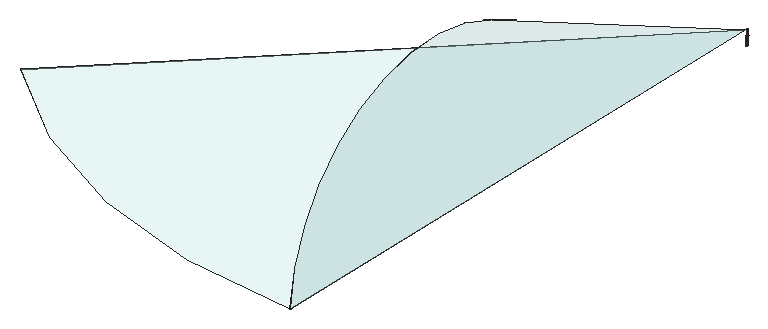
Revit family "Rotor 5000 Series - 5006+PCSAMNP", category Acessórios do tubo, Revit 2020
Family settings
  Cota do conector redondo = Utilizar diâmetro
  Tipo de parte = Normal
  Número OmniClass = 23.60.30.11.14
  Título OmniClass = Pipework Fittings
  Com base no plano de trabalho = Não
  Sempre na vertical = Sim
  Corte com vazios quando carregada = Não
  Compartilhado = Não
Parameters (values of type "Rain Curtain 6.0")
  Water = Water
  URL = "https://www.rainbird.com/"
  TABLE 65 = "TABLE 65psi"
  TABLE 55 75 = "TABLE 55 75psi"
  TABLE 55 = "TABLE 55psi"
  TABLE 45 = "TABLE 45psi"
  TABLE 35 = "TABLE 35psi"
  TABLE 25 = "TABLE 25psi"
  SupportProjetos: Reviw Date = ""  # constant formula
  SupportProjetos: Reviw = "R00"  # constant formula
  SupportProjetos: Level of Detail = "LOD 300"  # constant formula
  SupportProjetos: Developed = "MICHEL SOARES MOTA"  # constant formula
  SupportProjetos: Creation Date = "07/08/2020"  # constant formula
  Side inlet = no
  Rotation Water Visibility [instance] = Pop up on  # yes
  Rotation Angle [instance] = 45.00°
  RainBird: Product Link = "https://www.rainbird.com/"
  RainBird: Description = "5006+PC-SAMNP Rotor "  # constant formula
  RainBird: Comment [instance] = ""
  RainBird: Code = "Y45870NP"  # constant formula
  Radius [instance] = if(and(Pressure = 25.0 psi, Instance < 25 ft), size_lookup(TABLE 25, "Radius", 0 ft, Instance), if(and(Pressure = 35.0 psi, Instance < 25 ft), size_lookup(TABLE 35, "Radius", 0 ft, Instance), if(and(Pressure = 45.0 psi, Instance < 25 ft), size_lookup(TABLE 45, "Radius", 0 ft, Instance), if(and(Pressure = 55.0 psi, Instance < 13 ft), size_lookup(TABLE 55, "Radius", 0 ft, Instance), if(and(Pressure = 65.0 psi, Instance < 13 ft), size_lookup(TABLE 65, "Radius", 0 ft, Instance), if(and(Pressure > 55.0 psi, Instance > 13 ft), size_lookup(TABLE 55 75, "Radius", 0 ft, Instance), 0 ft))))))  # 50 ft
  RT = 0.009893 ft
  RN = 0.032808 ft
  R5 = 0.03937 ft
  R4 = 0.04101 ft
  R3 = 0.065617 ft
  R2 = 0.075407 ft
  R1 = 0.032808 ft
  Pressure [instance] = 55.0 psi
  Pop up height = 0.499 ft  # constant formula
  Pop up on [instance] = yes
  Modelo = "5006+PCSAMNP"  # constant formula
  Instance = 7 ft
  H1 = Body height / 3  # 0.268 ft
  Flow [instance] = if(and(Pressure = 25.0 psi, Instance < 25 ft), size_lookup(TABLE 25, "Flow", 0.0 GPM, Instance), if(and(Pressure = 35.0 psi, Instance < 25 ft), size_lookup(TABLE 35, "Flow", 0.0 GPM, Instance), if(and(Pressure = 45.0 psi, Instance < 25 ft), size_lookup(TABLE 45, "Flow", 0.0 GPM, Instance), if(and(Pressure = 55.0 psi, Instance < 13 ft), size_lookup(TABLE 55, "Flow", 0.0 GPM, Instance), if(and(Pressure = 65.0 psi, Instance < 13 ft), size_lookup(TABLE 65, "Flow", 0.0 GPM, Instance), if(and(Pressure > 55.0 psi, Instance > 13 ft), size_lookup(TABLE 55 75, "Flow", 0.0 GPM, Instance), 0.0 GPM))))))  # 6.63 GPM
  Fabricante = "Rain Bird"
  Elevação padrão = 0 ft
  Description = RainBird: Description  # "5006+PC-SAMNP Rotor "
  DD13 = 0.002625 ft
  DD12 = 0.003937 ft
  DD11 = 0.009897 ft
  DD10 = 0.016404 ft
  DD8 [instance] = if(Pop up on, Pop up height, 0 ft)  # 0.499 ft
  DD7 = 0.019685 ft
  DD6 [instance] = 0.016404 ft
  DD5 = 0.065617 ft
  DD4 = 0.032808 ft
  DD3 = 0.091048 ft
  DD2 [instance] = 0.024514 ft
  DD9 [instance] = if(Pop up on, Pop up height + 0.049541 ft, 0 ft)  # 0.548541 ft
  DD1 = 0.006562 ft
  Conection = 0.062664 ft  # constant formula
  Body height = 0.804 ft  # constant formula
  Blue = Blue Plastic
  Black Plastic = Black Plastic
  Angle = 25.00°
Types (25, lengths in ft): name | Rotation Angle | Radius | Pressure | Instance | Flow
  (no name) | 45.00° | 50 | 55.0 psi | 7 | 6.63 GPM
  Rain Curtain 1.5 | 180.00° | 33 | 25.0 psi | 1 | 1.12 GPM
  Rain Curtain 2.0 | 180.00° | 35 | 25.0 psi | 2 | 1.5 GPM
  Rain Curtain 3.0 | 180.00° | 36 | 25.0 psi | 4 | 2.26 GPM
  Rain Curtain 4.0 | 180.00° | 36 | 25.0 psi | 5 | 2.91 GPM
  Rain Curtain 5.0 | 180.00° | 37 | 25.0 psi | 6 | 3.72 GPM
  Rain Curtain 6.0 | 45.00° | 50 | 55.0 psi | 7 | 6.63 GPM
  Rain Curtain 8.0 | 180.00° | 33 | 25.0 psi | 8 | 5.9 GPM
  Rain Curtain 2.5 | 180.00° | 35 | 25.0 psi | 3 | 1.81 GPM
  1.0 LA | 180.00° | 25 | 25.0 psi | 9 | 0.76 GPM
  1.5 LA | 180.00° | 27 | 25.0 psi | 10 | 1.15 GPM
  2.0 LA | 180.00° | 29 | 25.0 psi | 11 | 1.47 GPM
  3.0 LA | 180.00° | 29 | 25.0 psi | 12 | 2.23 GPM
  PRS Rain Curtain 1.5 | 180.00° | 33 | 25.0 psi | 13 | 1.12 GPM
  PRS Rain Curtain 2.0 | 180.00° | 35 | 25.0 psi | 14 | 1.5 GPM
  PRS Rain Curtain 2.5 | 180.00° | 35 | 25.0 psi | 15 | 1.81 GPM
  PRS Rain Curtain 3.0 | 180.00° | 36 | 25.0 psi | 16 | 2.26 GPM
  PRS Rain Curtain 4.0 | 180.00° | 36 | 25.0 psi | 17 | 2.91 GPM
  PRS Rain Curtain 5.0 | 180.00° | 37 | 25.0 psi | 18 | 3.72 GPM
  PRS Rain Curtain 6.0 | 180.00° | 37 | 25.0 psi | 19 | 4.25 GPM
  PRS Rain Curtain 8.0 | 180.00° | 33 | 25.0 psi | 20 | 5.9 GPM
  PRS 1.0 LA | 180.00° | 25 | 25.0 psi | 21 | 0.76 GPM
  PRS 1.5 LA | 180.00° | 27 | 25.0 psi | 22 | 1.15 GPM
  PRS 2.0 LA | 180.00° | 29 | 25.0 psi | 23 | 1.47 GPM
  PRS 3.0 LA | 180.00° | 29 | 25.0 psi | 24 | 2.23 GPM
Reference planes (ft)
  plane 1 "Centro (Frente/Trás)": y = 0
  plane 2: z = 0
  plane 3 "Centro (Esquerda/Direita)": x = 0
  plane 4: z = 0.003937
  plane 5: z = 0.002625
  plane 6: y = -0.065617
Forms (ft)
  Revolve 1, solid, material "Black Plastic" <- "Black Plastic"
    sketch origin (0, 0, 0) x (1, 0, 0) y (0, 0, 1)
      loop
        line (0.075407, -0.091048) -> (0.075407, -0.035324)
        arc (0.075407, -0.035324) -> (0.072509, -0.028329) -> (0.065514, -0.025431) r 0.009893
        line (0.065514, -0.025431) -> (0.046098, -0.025431) -> (0.046098, 0) -> (0.03937, 0) -> (0.03937, -0.499) -> (0.019685, -0.499) -> (0.019685, -0.797438) -> (0.032808, -0.797438) -> (0.032808, -0.804) -> (0.04101, -0.804) -> (0.04101, -0.797438) -> (0.055724, -0.797438)
        arc (0.055724, -0.797438) -> (0.062719, -0.794541) -> (0.065617, -0.787545) r 0.009893
        line (0.065617, -0.787545) -> (0.065617, -0.091048) -> (0.075407, -0.091048)
      axis (0, -0.804) -> (0, 0)
    angle from 0 to 360
  Extrusion 2, solid, material "Black Plastic" <- "Black Plastic"
    sketch origin (0, 0, 0) x (1, 0, 0) y (0, 1, 0)
      loop
        circle (0, 0) r 0.032808
    from -0.499 to 0.499
  Extrusion 3, void
    sketch origin (0, 0, 0) x (1, 0, 0) y (0, 1, 0)
      loop
        circle (0, 0) r 0.022844
    from -0.499 to 0.499
  Revolve 4, solid, material "Black Plastic" <- "Black Plastic"
    sketch origin (0, 0, 0) x (1, 0, 0) y (0, 0, 1)
      loop
        line (0, 0.499) -> (0.037004, 0.499) -> (0.037004, 0.508897)
        arc (0.037004, 0.508897) -> (0.01879, 0.51379) -> (0, 0.515404) r 0.10685
        line (0, 0.515404) -> (0, 0.499)
      axis (0, 0.499) -> (0, 0.515404)
    angle from 0 to 360
  Extrusion 5, solid, material "Blue Plastic" <- "Blue"
    sketch origin (0, 0, 0) x (1, 0, 0) y (0, 0, 1)
      loop
        circle (0, 0.474486) r 0.009129
      loop
        circle (0, 0.474486) r 0.004793
    from 0 to 0.034386
  Extrusion 6, void
    sketch origin (0, 0, 0) x (1, 0, 0) y (0, 0, 1)
      loop
        line (-0.02074, 0.328055) -> (-0.02074, 0.282426) -> (0.020672, 0.282426) -> (0.020672, 0.328055) -> (-0.02074, 0.328055)
      loop
        line (-0.018439, 0.325179) -> (-0.018439, 0.285685) -> (0.018179, 0.285685) -> (0.018179, 0.325179) -> (-0.018439, 0.325179)
    from 0.024556 to 0.06931
  Extrusion 7, solid, material "Black Plastic" <- "Black Plastic"
    sketch origin (0, 0, 0) x (1, 0, 0) y (0, 0, 1)
      loop
        line (0.046098, 0) -> (0.046098, -0.036876) -> (0.073493, -0.036876) -> (0.046098, 0)
    from -0.002998 to 0.002998
  Extrusion 8, solid, material "Black Plastic" <- "Black Plastic"
    sketch origin (0, 0, 0) x (-1, 0, 0) y (0, 0, -1)
      loop
        line (0.046098, 0) -> (0.073493, 0.036876) -> (0.046098, 0.036876) -> (0.046098, 0)
    from -0.002998 to 0.002998
  Extrusion 9, solid, material "Black Plastic" <- "Black Plastic"
    sketch origin (0, 0, 0) x (0.866025, 0.5, 0) y (0, 0, 1)
      loop
        line (0.046098, 0) -> (0.046098, -0.036876) -> (0.073493, -0.036876) -> (0.046098, 0)
    from -0.002998 to 0.002998
  Extrusion 10, solid, material "Black Plastic" <- "Black Plastic"
    sketch origin (0, 0, 0) x (-0.866025, -0.5, 0) y (0, 0, -1)
      loop
        line (0.046098, 0) -> (0.073493, 0.036876) -> (0.046098, 0.036876) -> (0.046098, 0)
    from -0.002998 to 0.002998
  Extrusion 11, solid, material "Black Plastic" <- "Black Plastic"
    sketch origin (0, 0, 0) x (0, 1, 0) y (0, 0, 1)
      loop
        line (0.046098, 0) -> (0.046098, -0.036876) -> (0.073493, -0.036876) -> (0.046098, 0)
    from -0.002998 to 0.002998
  Extrusion 12, solid, material "Black Plastic" <- "Black Plastic"
    sketch origin (0, 0, 0) x (0, -1, 0) y (0, 0, -1)
      loop
        line (0.046098, 0) -> (0.073493, 0.036876) -> (0.046098, 0.036876) -> (0.046098, 0)
    from -0.002998 to 0.002998
  Extrusion 13, solid, material "Black Plastic" <- "Black Plastic"
    sketch origin (0, 0, 0) x (0.5, 0.866025, 0) y (0, 0, 1)
      loop
        line (0.046098, 0) -> (0.046098, -0.036876) -> (0.073493, -0.036876) -> (0.046098, 0)
    from -0.002998 to 0.002998
  Extrusion 14, solid, material "Black Plastic" <- "Black Plastic"
    sketch origin (0, 0, 0) x (-0.5, -0.866025, 0) y (0, 0, -1)
      loop
        line (0.046098, 0) -> (0.073493, 0.036876) -> (0.046098, 0.036876) -> (0.046098, 0)
    from -0.002998 to 0.002998
  Extrusion 15, solid, material "Black Plastic" <- "Black Plastic"
    sketch origin (0, 0, 0) x (-0.5, 0.866025, 0) y (0, 0, 1)
      loop
        line (0.046098, 0) -> (0.046098, -0.036876) -> (0.073493, -0.036876) -> (0.046098, 0)
    from -0.002998 to 0.002998
  Extrusion 16, solid, material "Black Plastic" <- "Black Plastic"
    sketch origin (0, 0, 0) x (0.5, -0.866025, 0) y (0, 0, -1)
      loop
        line (0.046098, 0) -> (0.073493, 0.036876) -> (0.046098, 0.036876) -> (0.046098, 0)
    from -0.002998 to 0.002998
  Extrusion 17, solid, material "Black Plastic" <- "Black Plastic"
    sketch origin (0, 0, 0) x (-0.866025, 0.5, 0) y (0, 0, 1)
      loop
        line (0.046098, 0) -> (0.046098, -0.036876) -> (0.073493, -0.036876) -> (0.046098, 0)
    from -0.002998 to 0.002998
  Extrusion 18, solid, material "Black Plastic" <- "Black Plastic"
    sketch origin (0, 0, 0) x (0.866025, -0.5, 0) y (0, 0, -1)
      loop
        line (0.046098, 0) -> (0.073493, 0.036876) -> (0.046098, 0.036876) -> (0.046098, 0)
    from -0.002998 to 0.002998
  Extrusion 19, void
    sketch origin (0, 0, 0) x (1, 0, 0) y (0, 1, 0)
      loop
        line (-0.002998, 0.077702) -> (-0.002998, 0.071655) -> (0.002998, 0.071655) -> (0.002998, 0.077702) -> (-0.002998, 0.077702)
    from -0.091048 to 0.82021
  Extrusion 20, void
    sketch origin (0, 0, 0) x (1, 0, 0) y (0, 1, 0)
      loop
        line (0.002998, -0.077702) -> (0.002998, -0.071655) -> (-0.002998, -0.071655) -> (-0.002998, -0.077702) -> (0.002998, -0.077702)
    from -0.091048 to 0.82021
  Extrusion 21, void
    sketch origin (0, 0, 0) x (0.965926, 0.258819, 0) y (-0.258819, 0.965926, 0)
      loop
        line (-0.002998, 0.077702) -> (-0.002998, 0.071655) -> (0.002998, 0.071655) -> (0.002998, 0.077702) -> (-0.002998, 0.077702)
    from -0.091048 to 0.82021
  Extrusion 22, void
    sketch origin (0, 0, 0) x (0.965926, 0.258819, 0) y (-0.258819, 0.965926, 0)
      loop
        line (0.002998, -0.077702) -> (0.002998, -0.071655) -> (-0.002998, -0.071655) -> (-0.002998, -0.077702) -> (0.002998, -0.077702)
    from -0.091048 to 0.82021
  Extrusion 23, void
    sketch origin (0, 0, 0) x (0.866025, 0.5, 0) y (-0.5, 0.866025, 0)
      loop
        line (-0.002998, 0.077702) -> (-0.002998, 0.071655) -> (0.002998, 0.071655) -> (0.002998, 0.077702) -> (-0.002998, 0.077702)
    from -0.091048 to 0.82021
  Extrusion 24, void
    sketch origin (0, 0, 0) x (0.866025, 0.5, 0) y (-0.5, 0.866025, 0)
      loop
        line (0.002998, -0.077702) -> (0.002998, -0.071655) -> (-0.002998, -0.071655) -> (-0.002998, -0.077702) -> (0.002998, -0.077702)
    from -0.091048 to 0.82021
  Extrusion 25, void
    sketch origin (0, 0, 0) x (0.5, 0.866025, 0) y (-0.866025, 0.5, 0)
      loop
        line (-0.002998, 0.077702) -> (-0.002998, 0.071655) -> (0.002998, 0.071655) -> (0.002998, 0.077702) -> (-0.002998, 0.077702)
    from -0.091048 to 0.82021
  Extrusion 26, void
    sketch origin (0, 0, 0) x (0.5, 0.866025, 0) y (-0.866025, 0.5, 0)
      loop
        line (0.002998, -0.077702) -> (0.002998, -0.071655) -> (-0.002998, -0.071655) -> (-0.002998, -0.077702) -> (0.002998, -0.077702)
    from -0.091048 to 0.82021
  Extrusion 27, void
    sketch origin (0, 0, 0) x (0.707107, 0.707107, 0) y (-0.707107, 0.707107, 0)
      loop
        line (-0.002998, 0.077702) -> (-0.002998, 0.071655) -> (0.002998, 0.071655) -> (0.002998, 0.077702) -> (-0.002998, 0.077702)
    from -0.091048 to 0.82021
  Extrusion 28, void
    sketch origin (0, 0, 0) x (0.707107, 0.707107, 0) y (-0.707107, 0.707107, 0)
      loop
        line (0.002998, -0.077702) -> (0.002998, -0.071655) -> (-0.002998, -0.071655) -> (-0.002998, -0.077702) -> (0.002998, -0.077702)
    from -0.091048 to 0.82021
  Extrusion 29, void
    sketch origin (0, 0, 0) x (0.258819, 0.965926, 0) y (-0.965926, 0.258819, 0)
      loop
        line (-0.002998, 0.077702) -> (-0.002998, 0.071655) -> (0.002998, 0.071655) -> (0.002998, 0.077702) -> (-0.002998, 0.077702)
    from -0.091048 to 0.82021
  Extrusion 30, void
    sketch origin (0, 0, 0) x (0.258819, 0.965926, 0) y (-0.965926, 0.258819, 0)
      loop
        line (0.002998, -0.077702) -> (0.002998, -0.071655) -> (-0.002998, -0.071655) -> (-0.002998, -0.077702) -> (0.002998, -0.077702)
    from -0.091048 to 0.82021
  Extrusion 31, void
    sketch origin (0, 0, 0) x (0, 1, 0) y (-1, 0, 0)
      loop
        line (-0.002998, 0.077702) -> (-0.002998, 0.071655) -> (0.002998, 0.071655) -> (0.002998, 0.077702) -> (-0.002998, 0.077702)
    from -0.091048 to 0.82021
  Extrusion 32, void
    sketch origin (0, 0, 0) x (0, 1, 0) y (-1, 0, 0)
      loop
        line (0.002998, -0.077702) -> (0.002998, -0.071655) -> (-0.002998, -0.071655) -> (-0.002998, -0.077702) -> (0.002998, -0.077702)
    from -0.091048 to 0.82021
  Extrusion 33, void
    sketch origin (0, 0, 0) x (-0.258819, 0.965926, 0) y (-0.965926, -0.258819, 0)
      loop
        line (-0.002998, 0.077702) -> (-0.002998, 0.071655) -> (0.002998, 0.071655) -> (0.002998, 0.077702) -> (-0.002998, 0.077702)
    from -0.091048 to 0.82021
  Extrusion 34, void
    sketch origin (0, 0, 0) x (-0.258819, 0.965926, 0) y (-0.965926, -0.258819, 0)
      loop
        line (0.002998, -0.077702) -> (0.002998, -0.071655) -> (-0.002998, -0.071655) -> (-0.002998, -0.077702) -> (0.002998, -0.077702)
    from -0.091048 to 0.82021
  Extrusion 35, void
    sketch origin (0, 0, 0) x (-0.5, 0.866025, 0) y (-0.866025, -0.5, 0)
      loop
        line (-0.002998, 0.077702) -> (-0.002998, 0.071655) -> (0.002998, 0.071655) -> (0.002998, 0.077702) -> (-0.002998, 0.077702)
    from -0.091048 to 0.82021
  Extrusion 36, void
    sketch origin (0, 0, 0) x (-0.5, 0.866025, 0) y (-0.866025, -0.5, 0)
      loop
        line (0.002998, -0.077702) -> (0.002998, -0.071655) -> (-0.002998, -0.071655) -> (-0.002998, -0.077702) -> (0.002998, -0.077702)
    from -0.091048 to 0.82021
  Extrusion 37, void
    sketch origin (0, 0, 0) x (-0.707107, 0.707107, 0) y (-0.707107, -0.707107, 0)
      loop
        line (-0.002998, 0.077702) -> (-0.002998, 0.071655) -> (0.002998, 0.071655) -> (0.002998, 0.077702) -> (-0.002998, 0.077702)
    from -0.091048 to 0.82021
  Extrusion 38, void
    sketch origin (0, 0, 0) x (-0.707107, 0.707107, 0) y (-0.707107, -0.707107, 0)
      loop
        line (0.002998, -0.077702) -> (0.002998, -0.071655) -> (-0.002998, -0.071655) -> (-0.002998, -0.077702) -> (0.002998, -0.077702)
    from -0.091048 to 0.82021
  Extrusion 39, void
    sketch origin (0, 0, 0) x (-0.866025, 0.5, 0) y (-0.5, -0.866025, 0)
      loop
        line (-0.002998, 0.077702) -> (-0.002998, 0.071655) -> (0.002998, 0.071655) -> (0.002998, 0.077702) -> (-0.002998, 0.077702)
    from -0.091048 to 0.82021
  Extrusion 40, void
    sketch origin (0, 0, 0) x (-0.866025, 0.5, 0) y (-0.5, -0.866025, 0)
      loop
        line (0.002998, -0.077702) -> (0.002998, -0.071655) -> (-0.002998, -0.071655) -> (-0.002998, -0.077702) -> (0.002998, -0.077702)
    from -0.091048 to 0.82021
  Extrusion 41, void
    sketch origin (0, 0, 0) x (-0.965926, 0.258819, 0) y (-0.258819, -0.965926, 0)
      loop
        line (-0.002998, 0.077702) -> (-0.002998, 0.071655) -> (0.002998, 0.071655) -> (0.002998, 0.077702) -> (-0.002998, 0.077702)
    from -0.091048 to 0.82021
  Extrusion 42, void
    sketch origin (0, 0, 0) x (-0.965926, 0.258819, 0) y (-0.258819, -0.965926, 0)
      loop
        line (0.002998, -0.077702) -> (0.002998, -0.071655) -> (-0.002998, -0.071655) -> (-0.002998, -0.077702) -> (0.002998, -0.077702)
    from -0.091048 to 0.82021
  Extrusion 43, solid, material "Water" <- "Water", visible <- "Rotation Water Visibility"
    sketch origin (0, 0, 0) x (0, 1, 0) y (0, 0, 1)
      loop
        line (-0.032808, 0.474486) -> (-27.969074, 13.50138)
        arc (-27.969074, 13.50138) -> (-42.432078, 12.799272) -> (-50.032808, 0.474486) r 15.534311
        line (-50.032808, 0.474486) -> (-0.032808, 0.474486)
    from -0.008202 to 0.008202
Cuts and joins
  Extrusion 3, Extrusion 6 cuts Extrusion 2
  Extrusion 19, Extrusion 20, Extrusion 21, Extrusion 22, Extrusion 23, Extrusion 24, Extrusion 25, Extrusion 26, Extrusion 27, Extrusion 28, Extrusion 29, Extrusion 30, Extrusion 31, Extrusion 32, Extrusion 33, Extrusion 34, Extrusion 35, Extrusion 36, Extrusion 37, Extrusion 38, Extrusion 39, Extrusion 40, Extrusion 41, Extrusion 42 cuts Revolve 1
Dimensions and locks (ft)
  "Body height": level to Revolve 1 sketch curve
  "R2": Revolve 1 sketch curve to plane 3 "Centro (Esquerda/Direita)"
  "DD1": Revolve 1 sketch curve to Revolve 1 sketch curve
  "DD3": level to Revolve 1 sketch curve
  Revolve 1 sketch curve to plane 3 "Centro (Esquerda/Direita)" = 0.065617 ft
  "R4": Revolve 1 sketch curve to plane 3 "Centro (Esquerda/Direita)"
  "RN": Revolve 1 sketch curve to plane 3 "Centro (Esquerda/Direita)"
  "Pop up height": level to Revolve 1 sketch curve
  "R5": plane 3 "Centro (Esquerda/Direita)" to Revolve 1 sketch curve
  "DD7": Revolve 1 sketch curve to plane 3 "Centro (Esquerda/Direita)"
  "DD8": Extrusion 2 to level
  "DD12": plane 4 to level
  "DD13": plane 5 to level
  "R3": plane 6 to plane 1 "Centro (Frente/Trás)"
  "DD5": Revolve 1 sketch curve to Revolve 1 sketch curve
  "DD10": Revolve 4 sketch curve to Revolve 4 sketch curve
  "DD11": Revolve 4 sketch curve to Revolve 4 sketch curve
  "DD2": Revolve 4 to Extrusion 5 sketch curve  (x2)
  Extrusion 7 to plane 3 "Centro (Esquerda/Direita)" = 0.046098 ft
  equal spacing: Extrusion 7, plane 1 "Centro (Frente/Trás)", Extrusion 7
  Extrusion 8 to Extrusion 8 = 0.005995 ft
  Extrusion 9 to Extrusion 9 = 0.005995 ft
  Extrusion 20 sketch curve to Extrusion 20 sketch curve = 0.005995 ft
  Extrusion 22 sketch curve to Extrusion 22 sketch curve = 0.005995 ft
  Extrusion 24 sketch curve to Extrusion 24 sketch curve = 0.005995 ft
  Extrusion 26 sketch curve to Extrusion 26 sketch curve = 0.005995 ft
  Extrusion 28 sketch curve to Extrusion 28 sketch curve = 0.005995 ft
  Extrusion 30 sketch curve to Extrusion 30 sketch curve = 0.005995 ft
  Extrusion 32 sketch curve to Extrusion 32 sketch curve = 0.005995 ft
  Extrusion 34 sketch curve to Extrusion 34 sketch curve = 0.005995 ft
  Extrusion 36 sketch curve to Extrusion 36 sketch curve = 0.005995 ft
  Extrusion 38 sketch curve to Extrusion 38 sketch curve = 0.005995 ft
  Extrusion 40 sketch curve to Extrusion 40 sketch curve = 0.005995 ft
  Extrusion 42 sketch curve to Extrusion 42 sketch curve = 0.005995 ft
  "DD4": plane 1 "Centro (Frente/Trás)" to Extrusion 43 sketch curve
  "DD2": Revolve 4 to Extrusion 43 sketch curve
  "Radius": Extrusion 43 sketch curve to Extrusion 43 sketch curve
  equal spacing: Extrusion 43, plane 3 "Centro (Esquerda/Direita)", Extrusion 43
  "DD6": Extrusion 43 to Extrusion 43
  "DD2": Revolve 4 to nested 1
  "RT": radius of Revolve 1 sketch curve  (x2)
  "R1": radius of Extrusion 2 sketch curve
  "Angle": angle Extrusion 43 sketch curve to Extrusion 43 sketch curve
  aligned and locked: level to plane 2
  aligned and locked: Revolve 1 sketch curve to Revolve 1 sketch curve
  aligned and locked: Extrusion 2 to Revolve 1
  aligned and locked: cut or joined group of Extrusion 2, Extrusion 3, Extrusion 6 to cut or joined group of Extrusion 2, Extrusion 3, Extrusion 6  (x2)
  aligned and locked: Revolve 4 sketch curve to cut or joined group of Extrusion 2, Extrusion 3, Extrusion 6
  aligned and locked: Extrusion 20 to Revolve 1
  aligned and locked: Extrusion 22 to Revolve 1
  aligned and locked: Extrusion 24 to Revolve 1
  aligned and locked: Extrusion 28 to Revolve 1
  aligned and locked: Extrusion 26 to Revolve 1
  aligned and locked: Extrusion 30 to Revolve 1
  aligned and locked: Extrusion 32 to Revolve 1
  aligned and locked: Extrusion 34 to Revolve 1
  aligned and locked: Revolve 1 to Extrusion 36
  aligned and locked: Revolve 1 to Extrusion 38
  aligned and locked: Extrusion 41 to Revolve 1
  aligned and locked: Extrusion 39 to Revolve 1
  aligned and locked: Extrusion 37 to Revolve 1
  aligned and locked: Extrusion 35 to Revolve 1
  aligned and locked: Extrusion 33 to Revolve 1
  aligned and locked: Extrusion 31 to Revolve 1
  aligned and locked: Extrusion 29 to Revolve 1
  aligned and locked: Revolve 1 to Extrusion 25
  aligned and locked: Revolve 1 to Extrusion 27
  aligned and locked: Revolve 1 to Extrusion 19
  aligned and locked: Revolve 1 to Extrusion 21
  aligned and locked: Revolve 1 to Extrusion 42
  aligned and locked: Revolve 1 to Extrusion 40
  aligned and locked: Revolve 1 to Extrusion 23
Automatic sketch dimensions
  plane 1 "Centro (Frente/Trás)" to Extrusion 2 sketch curve = 0 ft
  Extrusion 2 sketch curve to plane 3 "Centro (Esquerda/Direita)" = 0 ft
  plane 1 "Centro (Frente/Trás)" to Extrusion 3 sketch curve = 0 ft
  Extrusion 3 sketch curve to plane 3 "Centro (Esquerda/Direita)" = 0 ft
  Revolve 4 sketch curve to plane 3 "Centro (Esquerda/Direita)" = 0 ft  (x2)
  plane 3 "Centro (Esquerda/Direita)" to Revolve 4 sketch curve = 0.000284 ft
  plane 3 "Centro (Esquerda/Direita)" to Revolve 4 sketch curve = 0.037004 ft
  Revolve 4 sketch curve to Revolve 4 sketch curve = 0.015719 ft
  Revolve 4 sketch curve to Revolve 4 sketch curve = 0.114829 ft
  Extrusion 5 sketch curve to Extrusion 5 sketch curve = 0 ft
  Extrusion 5 sketch curve to plane 3 "Centro (Esquerda/Direita)" = 0 ft
  Extrusion 6 sketch curve to plane 3 "Centro (Esquerda/Direita)" = 0.02074 ft
  Extrusion 6 sketch curve to Extrusion 6 sketch curve = 0.002301 ft
  plane 3 "Centro (Esquerda/Direita)" to Extrusion 6 sketch curve = 0.018179 ft
  Extrusion 6 sketch curve to Extrusion 6 sketch curve = 0.002492 ft
  plane 4 to Extrusion 6 sketch curve = 0.278489 ft
  Extrusion 6 sketch curve to Extrusion 6 sketch curve = 0.003259 ft
  Extrusion 6 sketch curve to Extrusion 6 sketch curve = 0.039494 ft
  Extrusion 6 sketch curve to Extrusion 6 sketch curve = 0.002876 ft
  Extrusion 7 sketch curve to level = 0 ft
  plane 3 "Centro (Esquerda/Direita)" to Extrusion 7 sketch curve = 0.046098 ft
  Extrusion 7 sketch curve to Extrusion 7 sketch curve = 0.027396 ft
  Extrusion 7 sketch curve to Extrusion 7 sketch curve = 0.036876 ft
  Extrusion 8 sketch curve to level = 0 ft
  plane 3 "Centro (Esquerda/Direita)" to Extrusion 8 sketch curve = 0.046098 ft
  Extrusion 8 sketch curve to Extrusion 8 sketch curve = 0.027396 ft
  Extrusion 8 sketch curve to Extrusion 8 sketch curve = 0.036876 ft
  Extrusion 9 sketch curve to level = 0 ft
  Extrusion 9 sketch curve to level = 0.036876 ft
  Extrusion 9 sketch curve to Extrusion 9 sketch curve = 0.027396 ft
  Extrusion 10 sketch curve to level = 0 ft
  Extrusion 10 sketch curve to level = 0.036876 ft
  Extrusion 10 sketch curve to Extrusion 10 sketch curve = 0.027396 ft
  Extrusion 11 sketch curve to level = 0 ft
  Extrusion 11 sketch curve to plane 1 "Centro (Frente/Trás)" = 0.046098 ft
  Extrusion 11 sketch curve to Extrusion 11 sketch curve = 0.027396 ft
  Extrusion 11 sketch curve to Extrusion 11 sketch curve = 0.036876 ft
  Extrusion 12 sketch curve to level = 0 ft
  plane 6 to Extrusion 12 sketch curve = 0.019519 ft
  Extrusion 12 sketch curve to plane 6 = 0.007877 ft
  Extrusion 12 sketch curve to level = 0.036876 ft
  Extrusion 13 sketch curve to level = 0 ft
  Extrusion 13 sketch curve to level = 0.036876 ft
  Extrusion 13 sketch curve to Extrusion 13 sketch curve = 0.027396 ft
  Extrusion 14 sketch curve to level = 0 ft
  Extrusion 14 sketch curve to level = 0.036876 ft
  Extrusion 14 sketch curve to Extrusion 14 sketch curve = 0.027396 ft
  level to Extrusion 15 sketch curve = 0 ft
  Extrusion 15 sketch curve to level = 0.036876 ft
  Extrusion 15 sketch curve to Extrusion 15 sketch curve = 0.027396 ft
  level to Extrusion 16 sketch curve = 0 ft
  Extrusion 16 sketch curve to level = 0.036876 ft
  Extrusion 16 sketch curve to Extrusion 16 sketch curve = 0.027396 ft
  level to Extrusion 17 sketch curve = 0 ft
  Extrusion 17 sketch curve to level = 0.036876 ft
  Extrusion 17 sketch curve to Extrusion 17 sketch curve = 0.027396 ft
  level to Extrusion 18 sketch curve = 0 ft
  Extrusion 18 sketch curve to level = 0.036876 ft
  Extrusion 18 sketch curve to Extrusion 18 sketch curve = 0.027396 ft
  Extrusion 19 sketch curve to plane 3 "Centro (Esquerda/Direita)" = 0.002998 ft
  Extrusion 19 sketch curve to plane 1 "Centro (Frente/Trás)" = 0.071655 ft
  Extrusion 19 sketch curve to Extrusion 19 sketch curve = 0.006047 ft
  plane 3 "Centro (Esquerda/Direita)" to Extrusion 20 sketch curve = 0.002998 ft
  plane 6 to Extrusion 20 sketch curve = 0.006038 ft
  Extrusion 20 sketch curve to Extrusion 20 sketch curve = 0.006047 ft
  plane 3 "Centro (Esquerda/Direita)" to Extrusion 19 sketch curve = 0.002998 ft
  Extrusion 21 sketch curve to plane 3 "Centro (Esquerda/Direita)" = 0.021441 ft
  Extrusion 21 sketch curve to plane 1 "Centro (Frente/Trás)" = 0.068438 ft
  Extrusion 21 sketch curve to Extrusion 21 sketch curve = 0.005995 ft
  Extrusion 21 sketch curve to Extrusion 21 sketch curve = 0.006047 ft
  Extrusion 22 sketch curve to plane 6 = 0.010213 ft
  plane 3 "Centro (Esquerda/Direita)" to Extrusion 22 sketch curve = 0.017215 ft
  Extrusion 22 sketch curve to Extrusion 22 sketch curve = 0.006047 ft
  Extrusion 23 sketch curve to plane 3 "Centro (Esquerda/Direita)" = 0.038424 ft
  Extrusion 23 sketch curve to plane 1 "Centro (Frente/Trás)" = 0.060556 ft
  Extrusion 23 sketch curve to Extrusion 23 sketch curve = 0.005995 ft
  Extrusion 23 sketch curve to Extrusion 23 sketch curve = 0.006047 ft
  Extrusion 24 sketch curve to plane 6 = 0.003174 ft
  plane 3 "Centro (Esquerda/Direita)" to Extrusion 24 sketch curve = 0.036255 ft
  Extrusion 24 sketch curve to Extrusion 24 sketch curve = 0.006047 ft
  Extrusion 25 sketch curve to plane 1 "Centro (Frente/Trás)" = 0.033231 ft
  Extrusion 25 sketch curve to plane 3 "Centro (Esquerda/Direita)" = 0.063554 ft
  Extrusion 25 sketch curve to Extrusion 25 sketch curve = 0.005995 ft
  Extrusion 25 sketch curve to Extrusion 25 sketch curve = 0.006047 ft
  Extrusion 26 sketch curve to plane 6 = 0.02417 ft
  Extrusion 26 sketch curve to plane 3 "Centro (Esquerda/Direita)" = 0.065793 ft
  Extrusion 26 sketch curve to Extrusion 26 sketch curve = 0.006047 ft
  Extrusion 27 sketch curve to plane 1 "Centro (Frente/Trás)" = 0.048548 ft
  Extrusion 27 sketch curve to plane 3 "Centro (Esquerda/Direita)" = 0.052787 ft
  Extrusion 27 sketch curve to Extrusion 27 sketch curve = 0.005995 ft
  Extrusion 27 sketch curve to Extrusion 27 sketch curve = 0.006047 ft
  plane 6 to Extrusion 28 sketch curve = 0.008554 ft
  plane 3 "Centro (Esquerda/Direita)" to Extrusion 28 sketch curve = 0.052824 ft
  Extrusion 28 sketch curve to Extrusion 28 sketch curve = 0.006047 ft
  Extrusion 29 sketch curve to plane 1 "Centro (Frente/Trás)" = 0.01565 ft
  Extrusion 29 sketch curve to plane 3 "Centro (Esquerda/Direita)" = 0.069989 ft
  Extrusion 29 sketch curve to Extrusion 29 sketch curve = 0.005995 ft
  Extrusion 29 sketch curve to Extrusion 29 sketch curve = 0.006047 ft
  plane 1 "Centro (Frente/Trás)" to Extrusion 30 sketch curve = 0.023006 ft
  plane 3 "Centro (Esquerda/Direita)" to Extrusion 30 sketch curve = 0.074278 ft
  Extrusion 30 sketch curve to Extrusion 30 sketch curve = 0.006047 ft
  plane 1 "Centro (Frente/Trás)" to Extrusion 31 sketch curve = 0.002998 ft
  Extrusion 31 sketch curve to plane 1 "Centro (Frente/Trás)" = 0.002998 ft
  Extrusion 31 sketch curve to plane 3 "Centro (Esquerda/Direita)" = 0.071655 ft
  Extrusion 31 sketch curve to Extrusion 31 sketch curve = 0.006047 ft
  plane 1 "Centro (Frente/Trás)" to Extrusion 32 sketch curve = 0.002998 ft
  plane 3 "Centro (Esquerda/Direita)" to Extrusion 32 sketch curve = 0.077702 ft
  Extrusion 32 sketch curve to Extrusion 32 sketch curve = 0.006047 ft
  plane 1 "Centro (Frente/Trás)" to Extrusion 33 sketch curve = 0.021441 ft
  Extrusion 33 sketch curve to plane 3 "Centro (Esquerda/Direita)" = 0.068438 ft
  Extrusion 33 sketch curve to Extrusion 33 sketch curve = 0.005995 ft
  Extrusion 33 sketch curve to Extrusion 33 sketch curve = 0.006047 ft
  Extrusion 34 sketch curve to plane 1 "Centro (Frente/Trás)" = 0.017215 ft
  plane 3 "Centro (Esquerda/Direita)" to Extrusion 34 sketch curve = 0.07583 ft
  Extrusion 34 sketch curve to Extrusion 34 sketch curve = 0.006047 ft
  plane 6 to Extrusion 35 sketch curve = 0.027193 ft
  Extrusion 35 sketch curve to plane 3 "Centro (Esquerda/Direita)" = 0.060556 ft
  Extrusion 35 sketch curve to Extrusion 35 sketch curve = 0.005995 ft
  Extrusion 35 sketch curve to Extrusion 35 sketch curve = 0.006047 ft
  Extrusion 36 sketch curve to plane 1 "Centro (Frente/Trás)" = 0.036255 ft
  plane 3 "Centro (Esquerda/Direita)" to Extrusion 36 sketch curve = 0.068791 ft
  Extrusion 36 sketch curve to Extrusion 36 sketch curve = 0.006047 ft
  plane 6 to Extrusion 37 sketch curve = 0.012829 ft
  Extrusion 37 sketch curve to plane 3 "Centro (Esquerda/Direita)" = 0.048548 ft
  Extrusion 37 sketch curve to Extrusion 37 sketch curve = 0.005995 ft
  Extrusion 37 sketch curve to Extrusion 37 sketch curve = 0.006047 ft
  Extrusion 38 sketch curve to plane 1 "Centro (Frente/Trás)" = 0.052824 ft
  plane 3 "Centro (Esquerda/Direita)" to Extrusion 38 sketch curve = 0.057063 ft
  Extrusion 38 sketch curve to Extrusion 38 sketch curve = 0.006047 ft
  plane 6 to Extrusion 39 sketch curve = 0.002063 ft
  Extrusion 39 sketch curve to plane 3 "Centro (Esquerda/Direita)" = 0.033231 ft
  Extrusion 39 sketch curve to Extrusion 39 sketch curve = 0.005995 ft
  Extrusion 39 sketch curve to Extrusion 39 sketch curve = 0.006047 ft
  plane 3 "Centro (Esquerda/Direita)" to Extrusion 40 sketch curve = 0.041447 ft
  Extrusion 40 sketch curve to plane 1 "Centro (Frente/Trás)" = 0.065793 ft
  Extrusion 40 sketch curve to Extrusion 40 sketch curve = 0.006047 ft
  Extrusion 41 sketch curve to plane 6 = 0.004372 ft
  Extrusion 41 sketch curve to plane 3 "Centro (Esquerda/Direita)" = 0.01565 ft
  Extrusion 41 sketch curve to Extrusion 41 sketch curve = 0.005995 ft
  Extrusion 41 sketch curve to Extrusion 41 sketch curve = 0.006047 ft
  plane 3 "Centro (Esquerda/Direita)" to Extrusion 42 sketch curve = 0.023006 ft
  Extrusion 42 sketch curve to plane 1 "Centro (Frente/Trás)" = 0.074278 ft
  Extrusion 42 sketch curve to Extrusion 42 sketch curve = 0.006047 ft
  Revolve 1 sketch curve to plane 3 "Centro (Esquerda/Direita)" = 0 ft
  Revolve 1 sketch curve to level = 0 ft
  Revolve 1 sketch curve to Revolve 1 sketch curve = 0.019416 ft
  plane 4 to Revolve 1 sketch curve = 0.079347 ft
  Revolve 1 sketch curve to Revolve 1 sketch curve = 0.918635 ft
  Extrusion 43 sketch curve to level = 0.577487 ft
  radius of Extrusion 3 sketch curve = 0.022844 ft
  radius of Extrusion 5 sketch curve = 0.009129 ft
  radius of Extrusion 5 sketch curve = 0.004793 ft
Nested families (ft)
  nested 1: "Water" at (0.000015, 0, 0.355228) x (0, -1, 0) z (0, 0, 1), DT9 <- "DD4", Radius <- "Radius", visible <- "Rotation Water Visibility", Rotation Angle <- "Rotation Angle", type "Water"
    with Rotation Angle 45.00°, Radius 50 ft, DT9 0.032808 ft, DT8 0 ft, DT7 200 ft, DT4 250 ft, Angle 2 315.00°
Connectors (ft)
  piping at (0, 0, -0.797438), diameter 2
    settings: on cut or joined group of Revolve 1, Extrusion 19, Extrusion 20, Extrusion 21, Extrusion 22, Extrusion 23, Extrusion 24, Extrusion 25, Extrusion 26, Extrusion 27, Extrusion 28, Extrusion 29, Extrusion 30, Extrusion 31, Extrusion 32, Extrusion 33, Extrusion 34, Extrusion 35, Extrusion 36, Extrusion 37, Extrusion 38, Extrusion 39, Extrusion 40, Extrusion 41, Extrusion 42, index 1, connector inside diameter 609.6 mm, connector length 0 ft, flow factor 0, pipe flow 0.0 GPM, pressure drop 0.0 psi, fitting loss kfactor 0, connector angle 0.00°, fixture units 0, engagement length 0 ft, angle of deflection 0.00°, flow configuration 0, flow direction 0, fitting loss method 0, system type 28, joint type 0, gender type 0, connector reference index -1, connector utility 0, adjustable connector no, is connector primary yes, connector description ""
Definition of nested family "Water"
  Parameters (values of type "Water")
    Water Visibility (Circle) = yes
    Water = none
    URL = ""
    SupportProjetos: Reviw Date = ""  # constant formula
    SupportProjetos: Level of Detail = "LOD 300"  # constant formula
    SupportProjetos: Developed = "MICHEL SOARES MOTA"  # constant formula
    SupportProjetos: Creation Date = "16/07/2020"  # constant formula
    Rotation Angle [instance] = 90.00°
    Reviw = "R00"  # constant formula
    Radius [instance] = 14 ft
    Model = ""
    Default Elevation = 4 ft
    Description = ""
    DT9 [instance] = 0.032808 ft
    DT8 [instance] = if(Rotation Angle = 360.00°, 10 ft, 0 ft)  # 0 ft
    DT7 [instance] = 4 * Radius  # 56 ft
    DT4 [instance] = 5 * Radius  # 70 ft
    DT2 = 0.098425 ft  # constant formula
    DT6 = 0 ft
    Angle 2 [instance] = if(Rotation Angle = 360.00°, 180.00°, 360.00° - Rotation Angle)  # 270.00°
  Reference planes (ft)
    plane 1 "Centro (Frente/Trás)": y = 0
    plane 2: z = 0
    plane 3 "Centro (Esquerda/Direita)": x = 0
  Forms (ft)
    Revolve 1, solid, material <- "Water", visible <- "Water Visibility (Circle)"
      sketch origin (0, 0, 0) x (1, 0, 0) y (0, 0, 1)
        loop
          line (0.032808, 0.098425) -> (14.032808, 0.098425) -> (14.032808, 0.119259) -> (0.032808, 0.119259) -> (0.032808, 0.098425)
        axis (0, 0.098425) -> (0, 0.119259)
      angle from 0 to 360
    Extrusion 2, void
      sketch origin (0, 0, 0) x (1, 0, 0) y (0, 1, 0)
        loop
          line (0, 0) -> (70, 0) -> (70, 56)
          arc (70, 56) -> (-70.459018, 51.588344) -> (0, -70) r 81.847109
          line (0, -70) -> (0, 0)
      from 0 to 15.189231
  Cuts and joins
    Extrusion 2 cuts Revolve 1
  Dimensions and locks (ft)
    "DT2": Revolve 1 sketch curve to level
    "DT4": Extrusion 2 sketch curve to Extrusion 2 sketch curve  (x2)
    "DT6": Extrusion 2 sketch curve to plane 3 "Centro (Esquerda/Direita)"
    "DT7": Extrusion 2 sketch curve to Extrusion 2 sketch curve
    "DT8": cut or joined group of Revolve 1, Extrusion 2 to level
    "Radius": Revolve 1 sketch curve to Revolve 1 sketch curve
    "DT9": Revolve 1 sketch curve to plane 3 "Centro (Esquerda/Direita)"
    "Angle 2": angle Extrusion 2 sketch curve to Extrusion 2 sketch curve
    aligned and locked: level to plane 2
    aligned and locked: plane 1 "Centro (Frente/Trás)" to Extrusion 2 sketch curve
  Automatic sketch dimensions
    plane 3 "Centro (Esquerda/Direita)" to Extrusion 2 sketch curve = 1.088227 ft
    Revolve 1 sketch curve to plane 3 "Centro (Esquerda/Direita)" = 0 ft
    Revolve 1 sketch curve to Revolve 1 sketch curve = 0.020833 ft
    Revolve 1 sketch curve to Revolve 1 sketch curve = 0.032113 ft
    Revolve 1 sketch curve to Revolve 1 sketch curve = 10.2693 ft
